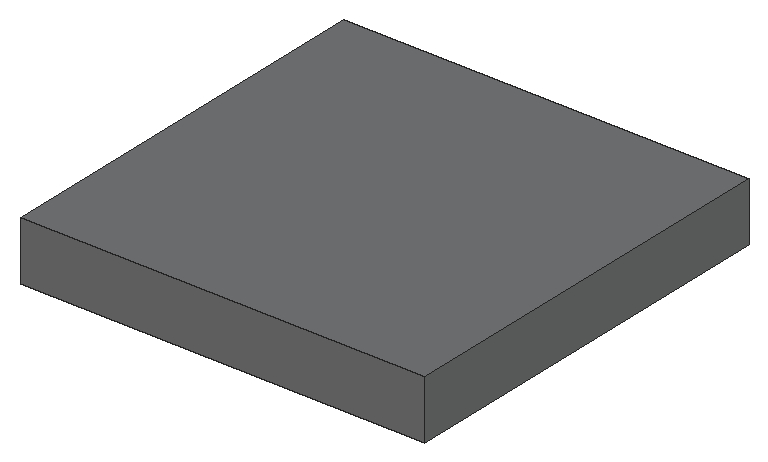
Revit family "Gira_087626", category Electrical Fixtures, host Face, Revit 2017
Family settings
  Host = Face
  Maintain Annotation Orientation = No
  Round Connector Dimension = Use Diameter
  Part Type = Normal
  Cut with Voids When Loaded = No
  Shared = No
  Room Calculation Point = No
Parameters (values of type "Cov. in.sp. TAE USB System 55 c.alum.")
  URL = "http://katalog.gira.de/en/datenblatt.html?artikelnr=087626"
  Transparent = "No"
  Name = "Cov. in.sp. TAE USB System 55 c.alum."
  Manufacturer URL = "https://www.gira.de/"
  Manufacturer = "Gira"
  Keynote = ""
  HeinzeBIM = "https://bimportal.heinze.de/bim/cov-in-sp-tae-usb-system-55-c-alum-/6147ddd8c4e9eee06b49a15e3950169a36f4b97a"
  HAN = "087626"
  GTIN = "4010337876267"
  Description = "Cov.in.sp.TAE USB Sys55 CAl,Cover for USB data interface,with inscription space,colour aluminium,Notes :,- Suitable for USB power supply.,- Suitable for USB data interface."
  Default Elevation = 1219.2 mm
  Data sheet (1) = "https://katalog.gira.de/en/download.html?artikelnr=087626"
  Category = "Insert/cover for communication technology"
  BIM (1) = "https://media.stage.bim.site/public/gira/36a6b08/Sys55_Abdeckung_Schalten und Tasten.rfa?public/gira/36a6b08/Sys55_Abdeckung_Schalten und Tasten.rfa"
  Available = "No"
  Anthrazit [instance] = Anthrazit
Reference planes
  plane 1 "Center (Front/Back)": y = 0
  plane 2: z = 0
  plane 3 "Center (Left/Right)": x = 0
Forms (mm)
  Extrusion 1, solid, material "Anthrazit" <- "Anthrazit", detail levels fine
    sketch origin (0, 0, 0) x (1, 0, 0) y (0, 1, 0)
      loop
        line (-27.5, 27.5) -> (-27.5, -27.5) -> (27.5, -27.5) -> (27.5, 27.5) -> (-27.5, 27.5)
    from 0 to 8
  Extrusion 2, void
    sketch origin (0, 0, 0) x (1, 0, 0) y (0, 1, 0)
      loop
        line (26, 26) -> (-26, 26) -> (-26, -26) -> (26, -26) -> (26, 26)
    from 0 to 6
  Extrusion 3, solid, material "Anthrazit" <- "Anthrazit", detail levels medium
    sketch origin (0, 0, 0) x (1, 0, 0) y (0, 1, 0)
      loop
        line (-27.5, 27.5) -> (-27.5, -27.5) -> (27.5, -27.5) -> (27.5, 27.5) -> (-27.5, 27.5)
    from 0 to 8
  Extrusion 4, solid, material "Anthrazit" <- "Anthrazit", detail levels medium
    sketch origin (0, 0, 0) x (1, 0, 0) y (0, 1, 0)
      loop
        line (11, -17.5) -> (11, 17.5) -> (-11, 17.5) -> (-11, -17.5) -> (11, -17.5)
    from -6 to 6
  Extrusion 5, solid, material "Anthrazit" <- "Anthrazit", detail levels fine
    sketch origin (0, 0, 0) x (1, 0, 0) y (0, 1, 0)
      loop
        line (11, 17.5) -> (-11, 17.5) -> (-11, 16.5) -> (11, 16.5) -> (11, 17.5)
      loop
        line (-11, -16.5) -> (-11, -17.5) -> (11, -17.5) -> (11, -16.5) -> (-11, -16.5)
    from -4 to 6
  Extrusion 6, solid, material "Anthrazit" <- "Anthrazit", detail levels fine
    sketch origin (0, 0, 0) x (1, 0, 0) y (0, 1, 0)
      loop
        arc (5, 9.347) -> (0, 10.6) -> (-5, 9.347) r 10.6
        line (-5, 9.347) -> (-5, -9.347)
        arc (-5, -9.347) -> (0, -10.6) -> (5, -9.347) r 10.6
        line (5, -9.347) -> (5, 9.347)
    from -6 to 6
  Extrusion 7, solid, material "Anthrazit" <- "Anthrazit", detail levels coarse
    sketch origin (0, 0, 0) x (1, 0, 0) y (0, 1, 0)
      loop
        line (-27.5, 27.5) -> (-27.5, -27.5) -> (27.5, -27.5) -> (27.5, 27.5) -> (-27.5, 27.5)
    from -6 to 8
Cuts and joins
  Extrusion 2 cuts Extrusion 1
Dimensions and locks
  aligned and locked: plane 2 to host face
  aligned and locked: level to host face
